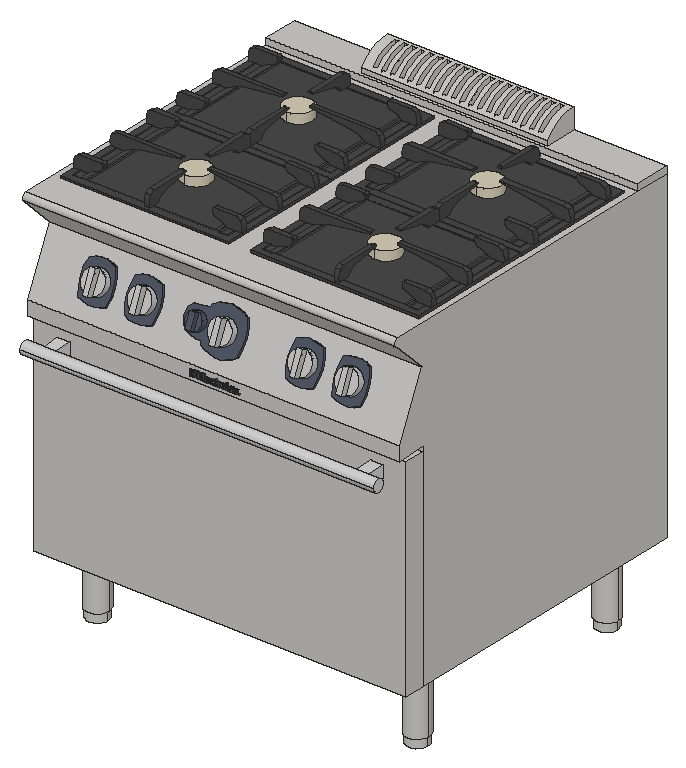
Revit family "QF_ELECTROLUXPROFESSIONAL_371403_E7AAKTBBMEI", category Attrezzature speciali, Revit 2018
Family settings
  Quota connettore circolare = Usa diametro
  Tipo di parte = Normale
  Basato su piano di lavoro = No
  Sempre verticale = Sì
  Taglio con vuoti quando caricato = No
  Condiviso = No
  Punto di calcolo locali = No
Parameters (values of type "Standard")
  Weight = 80.00 kg
  Watts = 0 W
  Volts = 0 V
  URL Manufacturer = "https://www.electroluxprofessional.com/"
  URL = "https://www.electroluxprofessional.com/"
  Steam Supply Size = 0"
  Steam Supply Minimum Pressure = 0.00 psi
  Steam Supply Maximum Pressure = 0.00 psi
  Steam Consumption per Hour = 0
  Show Logo [instance] = yes
  Show Clearance [instance] = yes
  Refrigeration Suction Line Size = 0 mm
  Refrigeration Liquid Line Size = 0 mm
  Refrigerant Compressor Remote = yes
  Phase = 0
  Modello = "E7AAKTBBMEI"
  Produttore = "Electrolux Professional"
  Length Actual = 800 mm  # constant formula
  Item Number = "371403"
  Hot Water Size = 0"
  Height Actual = 850 mm  # constant formula
  HP = "0 HP"
  Gas Size = 1/2"
  Gas KW = 28
  Gas Input Pressure = 0.938315 Btu/h
  Direct Waste Size = 0"
  Descrizione = "4-BURNER GAS RANGE+GAS OVEN 800MM - QMARK"
  Depth Actual = 730 mm  # constant formula
  Cycle = 0 Hz
  Condensate Return Size = 0"
  Compressed Air Volume = 0 GPM
  Compressed Air Size = 0"
  Compressed Air Pressure = 0.00 psi
  Cold Water Size = 0"
  Assembly Code = ""
  Accessory = yes
Values of the unnamed type that differ from the named types
  Weight = 0.00 kg
  URL Manufacturer = ""
  Item Number = ""
  HP = ""
  Gas KW = 0
  Gas Input Pressure = 0.0 Btu/h
Reference planes
  plane 1 "BACK": y = 0
  plane 2: z = 0
  plane 3 "LEFT": x = 0
  plane 4 "RIGHT": x = 800
  plane 5 "FRONT": y = -700
  plane 6 "TOP": z = 908.9
  plane 7 "Center Y": x = 400
  plane 8 "Center X": y = -350
  plane 9 "Base": z = 150
  plane 10: z = 850.9
  plane 11: y = -730.129
  plane 12: y = -1109
Forms (mm)
  Revolve 1, solid, material "QF_Finishes_Stainless Steel"
    sketch origin (1, -90, 0) x (1, 0, 0) y (0, 0, 1)
      loop
        line (55, 0) -> (55, 150) -> (29.6, 150) -> (29.6, 19.05) -> (32.1, 19.05) -> (32.1, 0) -> (55, 0)
      axis (55, 0) -> (55, 150)
    angle from 0 to 360
  Revolve 2, solid, material "QF_Finishes_Stainless Steel"
    sketch origin (1, -599.588, 0) x (1, 0, 0) y (0, 0, 1)
      loop
        line (55, 0) -> (55, 150) -> (29.6, 150) -> (29.6, 19.05) -> (32.1, 19.05) -> (32.1, 0) -> (55, 0)
      axis (55, 0) -> (55, 150)
    angle from 0 to 360
  Revolve 3, solid, material "QF_Finishes_Stainless Steel"
    sketch origin (799, -90, 0) x (-1, 0, 0) y (0, 0, -1)
      loop
        line (55, 0) -> (32.1, 0) -> (32.1, -19.05) -> (29.6, -19.05) -> (29.6, -150) -> (55, -150) -> (55, 0)
      axis (55, 0) -> (55, -150)
    angle from 0 to 360
  Revolve 4, solid, material "QF_Finishes_Stainless Steel"
    sketch origin (799, -599.588, 0) x (-1, 0, 0) y (0, 0, -1)
      loop
        line (55, 0) -> (32.1, 0) -> (32.1, -19.05) -> (29.6, -19.05) -> (29.6, -150) -> (55, -150) -> (55, 0)
      axis (55, 0) -> (55, -150)
    angle from 0 to 360
  Extrusion 5, solid, material "QF_Finishes_Stainless Steel"
    sketch origin (0, 0, 576.213) x (0, 1, 0) y (0, 0, 1)
      loop
        line (0, -426.213) -> (0, 274.687) -> (-721.5, 274.687)
        arc (-721.5, 274.687) -> (-729.472, 269.36) -> (-727.602, 259.956) r 8.63
        line (-727.602, 259.956) -> (-658.266, 190.62) -> (-715.962, 65.264) -> (-715.962, 33.966) -> (-655.839, 38.662)
        arc (-655.839, 38.662) -> (-653.314, 37.914) -> (-652.222, 35.518) r 3.175
        line (-652.222, 35.518) -> (-652.222, -426.213) -> (0, -426.213)
    from 0 to 800
  Extrusion 6, solid, material "QF_Finishes_Stainless Steel"
    sketch origin (0, -652.222, 611.731) x (0, 0, -1) y (1, 0, 0)
      loop
        line (461.731, 0) -> (461.731, 800) -> (9.61, 800) -> (9.61, 0) -> (461.731, 0)
    from 3.175 to 47.778
  Extrusion 7, solid, material "QF_Finishes_Handrails and Railings"
    sketch origin (0, 0, 0) x (0, 1, 0) y (0, 0, 1)
      loop
        line (-700, 580.001) -> (-738.678, 577.296)
        arc (-738.678, 577.296) -> (-739.871, 563.489) -> (-752.981, 558.993) r 12.7
        arc (-752.981, 558.993) -> (-752.44, 558.176) -> (-751.841, 557.401) r 13.441
        arc (-751.841, 557.401) -> (-750.036, 555.955) -> (-747.808, 555.335) r 5.77
        line (-747.808, 555.335) -> (-700, 551.992) -> (-700, 580.001)
    from 50.8 to 76.2
  Extrusion 8, solid, material "QF_Finishes_Handrails and Railings"
    sketch origin (800, 0, 0) x (0, 1, 0) y (0, 0, -1)
      loop
        line (-700, -580.001) -> (-700, -551.992) -> (-747.808, -555.335)
        arc (-747.808, -555.335) -> (-750.036, -555.955) -> (-751.841, -557.401) r 5.77
        arc (-751.841, -557.401) -> (-752.44, -558.176) -> (-752.981, -558.993) r 13.441
        arc (-752.981, -558.993) -> (-739.871, -563.489) -> (-738.678, -577.296) r 12.7
        line (-738.678, -577.296) -> (-700, -580.001)
    from 50.8 to 76.2
  Extrusion 9, solid, material "QF_Finishes_Handrails and Railings"
    sketch origin (0, 0, 0) x (0, 1, 0) y (0, 0, 1)
      loop
        circle (-749.878, 571.309) r 12.7
    from 19.875 to 780.125
  Extrusion 10, solid, material "QF_Finishes_Stainless Steel"
    sketch origin (0, 0, 576.213) x (0, 1, 0) y (0, 0, 1)
      loop
        line (0, 274.687) -> (0, 288.975) -> (-76.2, 288.975) -> (-76.2, 274.687) -> (0, 274.687)
    from 0 to 800
  Extrusion 11, solid, material "QF_Finishes_Navy Blue"
    sketch origin (7.744, -713.772, 646.186) x (0, 0.418102, 0.9084) y (-1, 0, 0)
      loop
        arc (102.623, -190.47) -> (67.041, -182.846) -> (31.333, -189.853) r 90.5
        arc (31.333, -189.853) -> (24.507, -219.04) -> (31.333, -248.228) r 65.817
        arc (31.333, -248.228) -> (67.04, -255.188) -> (102.623, -247.615) r 91.066
        arc (102.623, -247.615) -> (109.179, -219.043) -> (102.623, -190.47) r 65.546
      loop
        arc (102.623, -90.47) -> (67.041, -82.846) -> (31.333, -89.853) r 90.5
        arc (31.333, -89.853) -> (24.507, -119.04) -> (31.333, -148.228) r 65.817
        arc (31.333, -148.228) -> (67.04, -155.188) -> (102.623, -147.615) r 91.066
        arc (102.623, -147.615) -> (109.179, -119.043) -> (102.623, -90.47) r 65.546
      loop
        arc (102.623, -594.043) -> (109.179, -565.47) -> (102.623, -536.897) r 65.546
        arc (102.623, -536.897) -> (67.04, -529.324) -> (31.333, -536.284) r 91.066
        arc (31.333, -536.284) -> (24.507, -565.472) -> (31.333, -594.66) r 65.817
        arc (31.333, -594.66) -> (67.041, -601.667) -> (102.623, -594.043) r 90.5
      loop
        arc (102.623, -694.043) -> (109.179, -665.47) -> (102.623, -636.897) r 65.546
        arc (102.623, -636.897) -> (67.04, -629.324) -> (31.333, -636.284) r 91.066
        arc (31.333, -636.284) -> (24.507, -665.472) -> (31.333, -694.66) r 65.817
        arc (31.333, -694.66) -> (67.041, -701.667) -> (102.623, -694.043) r 90.5
    from 0 to 3.175
  Extrusion 12, solid, material "QF_Finishes_Stainless Steel"
    sketch origin (386.494, -717.485, 645.711) x (0, 0.418102, 0.9084) y (-1, 0, 0)
      loop
        circle (68.826, -13.506) r 25.4
      loop
        circle (68.826, 159.037) r 25.4
      loop
        circle (68.826, 259.037) r 25.4
      loop
        circle (68.826, -186.049) r 25.4
      loop
        circle (68.826, -286.049) r 25.4
    from 0 to 12.7
  Extrusion 13, solid, material "QF_Finishes_Navy Blue"
    sketch origin (-139.713, -713.772, 646.186) x (0, 0.418102, 0.9084) y (-1, 0, 0)
      loop
        arc (104.355, -502.587) -> (101.326, -501.258) -> (98.25, -500.039) r 91.066
        arc (98.25, -500.039) -> (96.592, -482.449) -> (93.213, -465.107) r 179.528
        arc (93.213, -465.107) -> (69.244, -452.795) -> (45.274, -465.107) r 29.489
        arc (45.274, -465.107) -> (38.909, -481.441) -> (37.449, -498.912) r 61.044
        arc (37.449, -498.912) -> (34.471, -499.962) -> (31.532, -501.116) r 91.066
        arc (31.532, -501.116) -> (19.517, -540.223) -> (32.929, -578.873) r 65.817
        arc (32.929, -578.873) -> (68.105, -585.173) -> (102.996, -577.452) r 91.066
        arc (102.996, -577.452) -> (115.418, -540.233) -> (104.355, -502.587) r 65.546
    from 0 to 3.175
  Extrusion 14, solid, material "QF_Finishes_Stainless Steel"
    sketch origin (239.037, -729.022, 651.021) x (0, 0.418102, 0.9084) y (-1, 0, 0)
      loop
        arc (93.558, -166.749) -> (94.226, -160.963) -> (93.558, -155.177) r 25.4
        line (93.558, -155.177) -> (44.094, -155.177)
        arc (44.094, -155.177) -> (43.426, -160.963) -> (44.094, -166.749) r 25.4
        line (44.094, -166.749) -> (93.558, -166.749)
    from 0 to 12.7
  Extrusion 15, solid, material "QF_Finishes_Navy Blue"
    sketch origin (181.537, -717.485, 645.711) x (0, 0.418102, 0.9084) y (-1, 0, 0)
      loop
        circle (68.826, -160.963) r 18.37
    from 0 to 12.7
  Extrusion 16, solid, material "QF_Finishes_Navy Blue"
    sketch origin (180.246, -729.022, 651.021) x (0, 0.418102, 0.9084) y (-1, 0, 0)
      loop
        arc (84.808, -167.687) -> (85.476, -161.901) -> (84.808, -156.114) r 25.4
        line (84.808, -156.114) -> (52.844, -156.114)
        arc (52.844, -156.114) -> (52.176, -161.901) -> (52.844, -167.687) r 25.4
        line (52.844, -167.687) -> (84.808, -167.687)
    from 0 to 8.112
  Extrusion 17, solid, material "QF_Finishes_Stainless Steel"
    sketch origin (0, 0, 150) x (-1, 0, 0) y (0, -1, 0)
      loop
        circle (-747.612, 464) r 6.35
    from -8.815 to 7.722
  Extrusion 18, solid, material "QF_Finishes_Door Clearance", visible <- "Show Clearance", detail levels coarse
    sketch origin (0, 0, 0) x (0, 1, 0) y (0, 0, 1)
      loop
        line (-1109, 150) -> (-700, 150) -> (-700, 601.405)
        arc (-700, 601.405) -> (-991.543, 454.568) -> (-1109, 150) r 453.603
    from 0 to 800
  Extrusion 19, solid, material "QF_Finishes_Clearance", visible <- "Show Clearance", detail levels coarse
    sketch origin (0, 0, 0) x (1, 0, 0) y (0, 1, 0)
      loop
        line (-150, -730.129) -> (0, -730.129) -> (0, 0) -> (800, 0) -> (800, -730.129) -> (950, -730.129) -> (950, 150) -> (-150, 150) -> (-150, -730.129)
    from 0 to 908.85
  Extrusion 20, solid, material "QF_Finishes_Stainless Steel"
    sketch origin (66.494, -729.022, 651.021) x (0, 0.418102, 0.9084) y (-1, 0, 0)
      loop
        arc (93.558, -166.749) -> (94.226, -160.963) -> (93.558, -155.177) r 25.4
        line (93.558, -155.177) -> (44.094, -155.177)
        arc (44.094, -155.177) -> (43.426, -160.963) -> (44.094, -166.749) r 25.4
        line (44.094, -166.749) -> (93.558, -166.749)
    from 0 to 12.7
  Extrusion 21, solid, material "QF_Finishes_Stainless Steel"
    sketch origin (-33.506, -729.022, 651.021) x (0, 0.418102, 0.9084) y (-1, 0, 0)
      loop
        arc (93.558, -166.749) -> (94.226, -160.963) -> (93.558, -155.177) r 25.4
        line (93.558, -155.177) -> (44.094, -155.177)
        arc (44.094, -155.177) -> (43.426, -160.963) -> (44.094, -166.749) r 25.4
        line (44.094, -166.749) -> (93.558, -166.749)
    from 0 to 12.7
  Extrusion 22, void
    sketch origin (-65.011, 0, 865.138) x (-1, 0, 0) y (0, -1, 0)
      loop
        line (-295.005, 6.761) -> (-285.709, 6.761) -> (-285.709, 63.911) -> (-295.005, 63.911) -> (-295.005, 6.761)
      loop
        line (-313.697, 6.761) -> (-304.401, 6.761) -> (-304.401, 63.911) -> (-313.697, 63.911) -> (-313.697, 6.761)
      loop
        line (-332.39, 6.761) -> (-323.094, 6.761) -> (-323.094, 63.911) -> (-332.39, 63.911) -> (-332.39, 6.761)
      loop
        line (-351.082, 6.761) -> (-341.787, 6.761) -> (-341.787, 63.911) -> (-351.082, 63.911) -> (-351.082, 6.761)
      loop
        line (-369.775, 6.761) -> (-360.479, 6.761) -> (-360.479, 63.911) -> (-369.775, 63.911) -> (-369.775, 6.761)
      loop
        line (-388.468, 6.761) -> (-379.172, 6.761) -> (-379.172, 63.911) -> (-388.468, 63.911) -> (-388.468, 6.761)
      loop
        line (-407.16, 6.761) -> (-397.864, 6.761) -> (-397.864, 63.911) -> (-407.16, 63.911) -> (-407.16, 6.761)
      loop
        line (-425.853, 6.761) -> (-416.557, 6.761) -> (-416.557, 63.911) -> (-425.853, 63.911) -> (-425.853, 6.761)
      loop
        line (-444.545, 6.761) -> (-435.25, 6.761) -> (-435.25, 63.911) -> (-444.545, 63.911) -> (-444.545, 6.761)
      loop
        line (-463.238, 6.761) -> (-453.942, 6.761) -> (-453.942, 63.911) -> (-463.238, 63.911) -> (-463.238, 6.761)
      loop
        line (-481.931, 6.761) -> (-472.635, 6.761) -> (-472.635, 63.911) -> (-481.931, 63.911) -> (-481.931, 6.761)
      loop
        line (-500.623, 6.761) -> (-491.328, 6.761) -> (-491.328, 63.911) -> (-500.623, 63.911) -> (-500.623, 6.761)
      loop
        line (-519.316, 6.761) -> (-510.02, 6.761) -> (-510.02, 63.911) -> (-519.316, 63.911) -> (-519.316, 6.761)
      loop
        line (-538.008, 6.761) -> (-528.713, 6.761) -> (-528.713, 63.911) -> (-538.008, 63.911) -> (-538.008, 6.761)
      loop
        line (-556.701, 6.761) -> (-547.405, 6.761) -> (-547.405, 63.911) -> (-556.701, 63.911) -> (-556.701, 6.761)
      loop
        line (-575.394, 6.761) -> (-566.098, 6.761) -> (-566.098, 63.911) -> (-575.394, 63.911) -> (-575.394, 6.761)
      loop
        line (-594.086, 6.761) -> (-584.791, 6.761) -> (-584.791, 63.911) -> (-594.086, 63.911) -> (-594.086, 6.761)
      loop
        line (-612.779, 6.761) -> (-603.483, 6.761) -> (-603.483, 63.911) -> (-612.779, 63.911) -> (-612.779, 6.761)
      loop
        line (-631.472, 6.761) -> (-622.176, 6.761) -> (-622.176, 63.911) -> (-631.472, 63.911) -> (-631.472, 6.761)
      loop
        line (-650.164, 6.761) -> (-640.868, 6.761) -> (-640.868, 63.911) -> (-650.164, 63.911) -> (-650.164, 6.761)
    from 9.525 to 45.348
  Extrusion 23, solid, material "QF_Finishes_Stainless Steel"
    sketch origin (-200, 0, 590.5) x (0, 1, 0) y (0, 0, 1)
      loop
        line (0, 274.688) -> (0, 318.4)
        arc (0, 318.4) -> (-39.072, 309.779) -> (-69.85, 284.212) r 84.854
        line (-69.85, 284.212) -> (-69.85, 274.688) -> (0, 274.688)
    from 400 to 800
  Extrusion 24, solid, material "QF_Finishes_Stainless Steel"
    sketch origin (733.506, -729.022, 651.021) x (0, 0.418102, 0.9084) y (-1, 0, 0)
      loop
        line (93.558, 166.749) -> (44.094, 166.749)
        arc (44.094, 166.749) -> (43.426, 160.963) -> (44.094, 155.177) r 25.4
        line (44.094, 155.177) -> (93.558, 155.177)
        arc (93.558, 155.177) -> (94.226, 160.963) -> (93.558, 166.749) r 25.4
    from 0 to 12.7
  Extrusion 25, solid, material "QF_Finishes_Stainless Steel"
    sketch origin (833.506, -729.022, 651.021) x (0, 0.418102, 0.9084) y (-1, 0, 0)
      loop
        line (93.558, 166.749) -> (44.094, 166.749)
        arc (44.094, 166.749) -> (43.426, 160.963) -> (44.094, 155.177) r 25.4
        line (44.094, 155.177) -> (93.558, 155.177)
        arc (93.558, 155.177) -> (94.226, 160.963) -> (93.558, 166.749) r 25.4
    from 0 to 12.7
  Extrusion 26, solid, material "QF_Finishes_Navy Blue", visible <- "Show Logo"
    sketch origin (61.109, -715.962, 610.773) x (0, 0, 1) y (-1, 0, 0)
      loop
        line (20.674, -296.698) -> (8.307, -296.698)
        arc (8.307, -296.698) -> (14.491, -301.27) -> (20.674, -296.698) r 6.467
      loop
        arc (20.674, -296.069) -> (19.505, -290.926) -> (14.849, -288.448) r 6.338
        line (14.849, -288.448) -> (14.849, -290.494)
        arc (14.849, -290.494) -> (16.333, -294.149) -> (19.778, -296.069) r 5.941
        line (19.778, -296.069) -> (20.674, -296.069)
      loop
        arc (9.203, -296.069) -> (12.648, -294.149) -> (14.132, -290.494) r 5.941
        line (14.132, -290.494) -> (14.132, -288.448)
        arc (14.132, -288.448) -> (9.438, -290.922) -> (8.148, -296.069) r 6.504
        line (8.148, -296.069) -> (9.203, -296.069)
      loop
        line (21.349, -287.979) -> (7.604, -287.979) -> (7.604, -301.742) -> (21.349, -301.742) -> (21.349, -287.979)
      loop
        arc (21.432, -304.71) -> (21.085, -304.352) -> (20.718, -304.69) r 0.358
        arc (20.718, -304.69) -> (20.404, -305.44) -> (19.687, -305.825) r 1.216
        line (19.687, -305.825) -> (9.274, -305.825)
        arc (9.274, -305.825) -> (8.614, -305.548) -> (8.218, -304.951) r 1.238
        arc (8.218, -304.951) -> (7.823, -304.7) -> (7.518, -305.054) r 0.358
        line (7.518, -305.054) -> (7.518, -314.933) -> (10.269, -314.933) -> (10.269, -314.036)
        arc (10.269, -314.036) -> (9.36, -313.456) -> (8.904, -312.479) r 1.928
        line (8.904, -312.479) -> (8.904, -309.98)
        arc (8.904, -309.98) -> (9.18, -309.251) -> (9.868, -308.887) r 1.101
        line (9.868, -308.887) -> (13.955, -308.887) -> (13.955, -312.561)
        arc (13.955, -312.561) -> (13.602, -313.058) -> (13.037, -313.286) r 1.083
        arc (13.037, -313.286) -> (12.773, -313.591) -> (13.065, -313.869) r 0.292
        line (13.065, -313.869) -> (16.028, -313.869)
        arc (16.028, -313.869) -> (16.33, -313.596) -> (16.092, -313.266) r 0.305
        arc (16.092, -313.266) -> (15.601, -313.018) -> (15.296, -312.561) r 1.083
        line (15.296, -312.561) -> (15.296, -308.887) -> (19.973, -308.887) -> (19.973, -312.635)
        arc (19.973, -312.635) -> (19.759, -313.39) -> (19.153, -313.888) r 1.314
        arc (19.153, -313.888) -> (18.934, -314.292) -> (19.288, -314.585) r 0.361
        line (19.288, -314.585) -> (21.432, -314.585) -> (21.432, -304.71)
      loop
        arc (20.715, -315.365) -> (20.335, -316.284) -> (19.416, -316.664) r 1.299
        line (19.416, -316.664) -> (9.837, -316.664)
        arc (9.837, -316.664) -> (8.999, -316.286) -> (8.728, -315.408) r 1.118
        line (8.728, -315.408) -> (7.518, -315.408) -> (7.518, -320.758) -> (8.706, -320.758)
        arc (8.706, -320.758) -> (8.978, -319.841) -> (9.848, -319.445) r 1.153
        line (9.848, -319.445) -> (21.92, -319.445) -> (20.715, -315.365)
      loop
        line (12.483, -323.394) -> (12.483, -329.842) -> (13.282, -329.842)
        arc (13.282, -329.842) -> (15.862, -328.857) -> (17.131, -326.404) r 3.874
        line (17.131, -326.404) -> (17.131, -324.643)
        arc (17.131, -324.643) -> (15.944, -321.778) -> (13.08, -320.592) r 4.051
        line (13.08, -320.592) -> (11.072, -320.592)
        arc (11.072, -320.592) -> (8.253, -322.077) -> (7.202, -325.084) r 4.352
        arc (7.202, -325.084) -> (7.566, -327.547) -> (8.943, -329.621) r 5.713
        line (8.943, -329.621) -> (9.892, -329.621)
        arc (9.892, -329.621) -> (9.16, -328.052) -> (8.943, -326.334) r 5.579
        arc (8.943, -326.334) -> (9.737, -324.371) -> (11.616, -323.394) r 3.057
        line (11.616, -323.394) -> (12.483, -323.394)
      loop
        line (13.742, -323.394) -> (13.742, -326.977)
        arc (13.742, -326.977) -> (15.199, -327.024) -> (16.082, -325.864) r 1.59
        line (16.082, -325.864) -> (16.082, -325.034)
        arc (16.082, -325.034) -> (15.217, -323.779) -> (13.742, -323.394) r 2.184
      loop
        arc (16.533, -339.259) -> (17.022, -337.585) -> (17.179, -335.848) r 9.023
        line (17.179, -335.848) -> (17.179, -334.486)
        arc (17.179, -334.486) -> (16.02, -331.686) -> (13.22, -330.527) r 3.959
        line (13.22, -330.527) -> (10.62, -330.527)
        arc (10.62, -330.527) -> (8.338, -331.819) -> (7.221, -334.192) r 4.331
        line (7.221, -334.192) -> (7.221, -336.327)
        arc (7.221, -336.327) -> (7.729, -337.877) -> (8.651, -339.223) r 5.772
        arc (8.651, -339.223) -> (9.412, -339.274) -> (9.499, -338.515) r 0.553
        arc (9.499, -338.515) -> (9.111, -337.781) -> (8.977, -336.962) r 2.573
        line (8.977, -336.962) -> (8.977, -335.447)
        arc (8.977, -335.447) -> (9.983, -333.806) -> (11.798, -333.163) r 2.884
        line (11.798, -333.163) -> (13.077, -333.163)
        arc (13.077, -333.163) -> (14.898, -333.723) -> (15.824, -335.388) r 2.554
        line (15.824, -335.388) -> (15.824, -336.441)
        arc (15.824, -336.441) -> (15.493, -337.369) -> (14.836, -338.104) r 2.564
        arc (14.836, -338.104) -> (14.614, -338.821) -> (15.223, -339.259) r 0.643
        line (15.223, -339.259) -> (16.533, -339.259)
      loop
        line (15.515, -339.53) -> (15.515, -341.031) -> (9.467, -341.031)
        arc (9.467, -341.031) -> (7.879, -341.688) -> (7.221, -343.276) r 2.246
        line (7.221, -343.276) -> (7.221, -344.86)
        arc (7.221, -344.86) -> (7.535, -345.725) -> (8.035, -346.496) r 4.06
        arc (8.035, -346.496) -> (8.768, -346.629) -> (9.019, -345.928) r 0.576
        arc (9.019, -345.928) -> (8.913, -345.403) -> (8.977, -344.87) r 1.69
        arc (8.977, -344.87) -> (9.519, -344.082) -> (10.425, -343.779) r 1.506
        line (10.425, -343.779) -> (15.563, -343.779) -> (15.563, -346.176) -> (16.119, -346.733) -> (16.941, -346.733) -> (16.941, -343.873) -> (20.172, -343.873) -> (15.515, -339.53)
      loop
        line (7.438, -347.63) -> (7.438, -353.017) -> (8.548, -353.017)
        arc (8.548, -353.017) -> (8.942, -352.066) -> (9.893, -351.672) r 1.345
        line (9.893, -351.672) -> (13.509, -351.672)
        arc (13.509, -351.672) -> (14.274, -352.264) -> (14.564, -353.186) r 1.615
        line (14.564, -353.186) -> (14.564, -354.742) -> (17.119, -355.427) -> (17.119, -354.044) -> (15.177, -351.485) -> (17.057, -351.485) -> (16.773, -348.779)
        arc (16.773, -348.779) -> (16.333, -348.249) -> (15.674, -348.45) r 0.621
        arc (15.674, -348.45) -> (15.274, -348.792) -> (14.78, -348.975) r 1.501
        line (14.78, -348.975) -> (9.893, -348.975)
        arc (9.893, -348.975) -> (8.942, -348.581) -> (8.548, -347.63) r 1.345
        line (8.548, -347.63) -> (7.438, -347.63)
      loop
        line (13.54, -354.964) -> (10.848, -354.964)
        arc (10.848, -354.964) -> (8.403, -356.272) -> (7.269, -358.803) r 4.288
        arc (7.269, -358.803) -> (7.205, -360.183) -> (7.269, -361.563) r 15.022
        arc (7.269, -361.563) -> (8.403, -364.094) -> (10.848, -365.401) r 4.288
        line (10.848, -365.401) -> (13.54, -365.401)
        arc (13.54, -365.401) -> (15.986, -364.094) -> (17.119, -361.563) r 4.288
        arc (17.119, -361.563) -> (17.183, -360.183) -> (17.119, -358.803) r 15.022
        arc (17.119, -358.803) -> (15.986, -356.272) -> (13.54, -354.964) r 4.288
      loop
        line (13.745, -358.078) -> (10.643, -358.078)
        arc (10.643, -358.078) -> (8.486, -360.235) -> (10.643, -362.392) r 2.157
        line (10.643, -362.392) -> (13.745, -362.392)
        arc (13.745, -362.392) -> (15.902, -360.235) -> (13.745, -358.078) r 2.157
      loop
        arc (20.726, -365.26) -> (20.355, -366.154) -> (19.461, -366.524) r 1.264
        line (19.461, -366.524) -> (9.597, -366.524)
        arc (9.597, -366.524) -> (8.727, -366.127) -> (8.455, -365.211) r 1.153
        line (8.455, -365.211) -> (7.518, -365.211) -> (7.518, -370.319) -> (8.446, -370.319)
        arc (8.446, -370.319) -> (8.805, -369.547) -> (9.597, -369.232) r 1.153
        line (9.597, -369.232) -> (21.92, -369.232) -> (20.726, -365.26)
      loop
        arc (15.846, -369.857) -> (15.647, -370.921) -> (14.678, -371.403) r 1.215
        line (14.678, -371.403) -> (9.658, -371.403)
        arc (9.658, -371.403) -> (8.043, -372.051) -> (7.322, -373.634) r 2.338
        line (7.322, -373.634) -> (7.322, -375.148)
        arc (7.322, -375.148) -> (7.497, -376.152) -> (7.999, -377.038) r 2.979
        line (7.999, -377.038) -> (7.518, -378.835) -> (7.518, -380.524) -> (16.943, -380.524) -> (16.649, -376.32) -> (15.863, -376.32)
        arc (15.863, -376.32) -> (15.507, -377.156) -> (14.755, -377.665) r 1.605
        line (14.755, -377.665) -> (9.652, -377.665)
        arc (9.652, -377.665) -> (9.232, -376.728) -> (9.159, -375.704) r 2.94
        arc (9.159, -375.704) -> (9.72, -374.603) -> (10.873, -374.16) r 1.724
        line (10.873, -374.16) -> (17.07, -374.16) -> (15.846, -369.857)
      loop
        line (16.874, -381.377) -> (15.202, -383.423) -> (12.028, -385.729) -> (8.572, -382.617)
        arc (8.572, -382.617) -> (8.335, -382.223) -> (8.357, -381.764) r 0.789
        line (8.357, -381.764) -> (7.518, -381.764) -> (7.518, -385.309) -> (8.344, -385.309)
        arc (8.344, -385.309) -> (8.686, -384.947) -> (9.176, -385.039) r 0.52
        line (9.176, -385.039) -> (10.976, -386.51) -> (8.858, -387.886)
        arc (8.858, -387.886) -> (8.457, -387.576) -> (8.37, -387.076) r 0.7
        line (8.37, -387.076) -> (7.518, -387.076) -> (7.518, -393.003) -> (8.405, -393.003)
        arc (8.405, -393.003) -> (8.472, -392.344) -> (8.866, -391.813) r 1.247
        line (8.866, -391.813) -> (13.066, -388.532) -> (15.513, -390.585) -> (16.874, -392.327) -> (16.874, -388.604) -> (15.389, -389.026) -> (13.868, -387.749) -> (15.568, -386.559) -> (16.874, -387.336) -> (16.874, -381.377)
    from 0 to 1.644
Cuts and joins
  Extrusion 22 cuts Extrusion 19
  Extrusion 22 cuts Extrusion 23
Lines and regions (mm)
  symbolic lines, style "QF-Door Swings"
    curve 1: line (0, -730.129, 150) -> (0, -1109, 150)
    curve 2: line (0, -1109, 150) -> (800, -1109, 150)
    curve 3: line (800, -1109, 150) -> (800, -730.129, 150)
  symbolic lines
    curve 4: line (800, -730.129, 150) -> (0, -730.129, 150)
    curve 5: line (0, 0, 150) -> (0, -730.129, 150)
    curve 6: line (0, -69.85, 150) -> (800, -69.85, 150)
    curve 7: line (0, -76.2, 150) -> (800, -76.2, 150)
    curve 8: line (800, -730.129, 150) -> (800, 0, 150)
    curve 9: line (0, 0, 150) -> (800, 0, 150)
    curve 13: line (50.8, -738.678, 150) -> (50.8, -730.129, 150)
    curve 14: line (76.2, -730.129, 150) -> (76.2, -738.678, 150)
    curve 15: line (19.875, -737.178, 150) -> (50.8, -737.178, 150)
    curve 16: line (19.875, -762.578, 150) -> (19.875, -737.178, 150)
    curve 17: line (780.125, -762.578, 150) -> (19.875, -762.578, 150)
    curve 18: line (780.125, -737.178, 150) -> (780.125, -762.578, 150)
    curve 19: line (749.2, -738.678, 150) -> (749.2, -730.129, 150)
    curve 20: line (723.8, -738.678, 150) -> (723.8, -730.129, 150)
    curve 21: line (723.8, -738.678, 150) -> (749.2, -738.678, 150)
    curve 22: line (50.8, -738.678, 150) -> (76.2, -738.678, 150)
    curve 23: line (76.2, -737.178, 150) -> (723.8, -737.178, 150)
    curve 24: line (749.2, -737.178, 150) -> (780.125, -737.178, 150)
    curve 25: line (229.994, -6.761, 150) -> (229.994, -63.911, 150)
    curve 26: line (229.994, -63.911, 150) -> (220.698, -63.911, 150)
    curve 27: line (220.698, -63.911, 150) -> (220.698, -6.761, 150)
    curve 28: line (220.698, -6.761, 150) -> (229.994, -6.761, 150)
    curve 29: line (435.612, -6.761, 150) -> (435.612, -63.911, 150)
    curve 30: line (435.612, -63.911, 150) -> (426.317, -63.911, 150)
    curve 31: line (426.317, -63.911, 150) -> (426.317, -6.761, 150)
    curve 32: line (426.317, -6.761, 150) -> (435.612, -6.761, 150)
    curve 33: line (416.92, -6.761, 150) -> (416.92, -63.911, 150)
    curve 34: line (416.92, -63.911, 150) -> (407.624, -63.911, 150)
    curve 35: line (407.624, -63.911, 150) -> (407.624, -6.761, 150)
    curve 36: line (407.624, -6.761, 150) -> (416.92, -6.761, 150)
    curve 37: line (398.227, -6.761, 150) -> (398.227, -63.911, 150)
    curve 38: line (398.227, -63.911, 150) -> (388.931, -63.911, 150)
    curve 39: line (388.931, -63.911, 150) -> (388.931, -6.761, 150)
    curve 40: line (388.931, -6.761, 150) -> (398.227, -6.761, 150)
    curve 41: line (379.534, -6.761, 150) -> (379.534, -63.911, 150)
    curve 42: line (379.534, -63.911, 150) -> (370.239, -63.911, 150)
    curve 43: line (370.239, -63.911, 150) -> (370.239, -6.761, 150)
    curve 44: line (370.239, -6.761, 150) -> (379.534, -6.761, 150)
    curve 45: line (360.842, -6.761, 150) -> (360.842, -63.911, 150)
    curve 46: line (360.842, -63.911, 150) -> (351.546, -63.911, 150)
    curve 47: line (351.546, -63.911, 150) -> (351.546, -6.761, 150)
    curve 48: line (351.546, -6.761, 150) -> (360.842, -6.761, 150)
    curve 49: line (342.149, -6.761, 150) -> (342.149, -63.911, 150)
    curve 50: line (342.149, -63.911, 150) -> (332.854, -63.911, 150)
    curve 51: line (332.854, -63.911, 150) -> (332.854, -6.761, 150)
    curve 52: line (332.854, -6.761, 150) -> (342.149, -6.761, 150)
    curve 53: line (323.457, -6.761, 150) -> (323.457, -63.911, 150)
    curve 54: line (323.457, -63.911, 150) -> (314.161, -63.911, 150)
    curve 55: line (314.161, -63.911, 150) -> (314.161, -6.761, 150)
    curve 56: line (314.161, -6.761, 150) -> (323.457, -6.761, 150)
    curve 57: line (304.764, -6.761, 150) -> (304.764, -63.911, 150)
    curve 58: line (304.764, -63.911, 150) -> (295.468, -63.911, 150)
    curve 59: line (295.468, -63.911, 150) -> (295.468, -6.761, 150)
    curve 60: line (295.468, -6.761, 150) -> (304.764, -6.761, 150)
    curve 61: line (286.071, -6.761, 150) -> (286.071, -63.911, 150)
    curve 62: line (286.071, -63.911, 150) -> (276.776, -63.911, 150)
    curve 63: line (276.776, -63.911, 150) -> (276.776, -6.761, 150)
    curve 64: line (276.776, -6.761, 150) -> (286.071, -6.761, 150)
    curve 65: line (267.379, -6.761, 150) -> (267.379, -63.911, 150)
    curve 66: line (267.379, -63.911, 150) -> (258.083, -63.911, 150)
    curve 67: line (258.083, -63.911, 150) -> (258.083, -6.761, 150)
    curve 68: line (258.083, -6.761, 150) -> (267.379, -6.761, 150)
    curve 69: line (248.686, -6.761, 150) -> (248.686, -63.911, 150)
    curve 70: line (248.686, -63.911, 150) -> (239.39, -63.911, 150)
    curve 71: line (239.39, -63.911, 150) -> (239.39, -6.761, 150)
    curve 72: line (239.39, -6.761, 150) -> (248.686, -6.761, 150)
    curve 73: line (585.153, -6.761, 150) -> (585.153, -63.911, 150)
    curve 74: line (585.153, -63.911, 150) -> (575.857, -63.911, 150)
    curve 75: line (575.857, -63.911, 150) -> (575.857, -6.761, 150)
    curve 76: line (575.857, -6.761, 150) -> (585.153, -6.761, 150)
    curve 77: line (566.461, -6.761, 150) -> (566.461, -63.911, 150)
    curve 78: line (566.461, -63.911, 150) -> (557.165, -63.911, 150)
    curve 79: line (557.165, -63.911, 150) -> (557.165, -6.761, 150)
    curve 80: line (557.165, -6.761, 150) -> (566.461, -6.761, 150)
    curve 81: line (547.768, -6.761, 150) -> (547.768, -63.911, 150)
    curve 82: line (547.768, -63.911, 150) -> (538.472, -63.911, 150)
    curve 83: line (538.472, -63.911, 150) -> (538.472, -6.761, 150)
    curve 84: line (538.472, -6.761, 150) -> (547.768, -6.761, 150)
    curve 85: line (529.075, -6.761, 150) -> (529.075, -63.911, 150)
    curve 86: line (529.075, -63.911, 150) -> (519.78, -63.911, 150)
    curve 87: line (519.78, -63.911, 150) -> (519.78, -6.761, 150)
    curve 88: line (519.78, -6.761, 150) -> (529.075, -6.761, 150)
    curve 89: line (510.383, -6.761, 150) -> (510.383, -63.911, 150)
    curve 90: line (510.383, -63.911, 150) -> (501.087, -63.911, 150)
    curve 91: line (501.087, -63.911, 150) -> (501.087, -6.761, 150)
    curve 92: line (501.087, -6.761, 150) -> (510.383, -6.761, 150)
    curve 93: line (491.69, -6.761, 150) -> (491.69, -63.911, 150)
    curve 94: line (491.69, -63.911, 150) -> (482.394, -63.911, 150)
    curve 95: line (482.394, -63.911, 150) -> (482.394, -6.761, 150)
    curve 96: line (482.394, -6.761, 150) -> (491.69, -6.761, 150)
    curve 97: line (472.998, -6.761, 150) -> (472.998, -63.911, 150)
    curve 98: line (472.998, -63.911, 150) -> (463.702, -63.911, 150)
    curve 99: line (463.702, -63.911, 150) -> (463.702, -6.761, 150)
    curve 100: line (463.702, -6.761, 150) -> (472.998, -6.761, 150)
    curve 101: line (454.305, -6.761, 150) -> (454.305, -63.911, 150)
    curve 102: line (454.305, -63.911, 150) -> (445.009, -63.911, 150)
    curve 103: line (445.009, -63.911, 150) -> (445.009, -6.761, 150)
    curve 104: line (445.009, -6.761, 150) -> (454.305, -6.761, 150)
    curve 105: line (200, -69.85, 150) -> (200, 0, 150)
    curve 106: line (600, -69.85, 150) -> (600, 0, 150)
  symbolic lines, style "QF-Clearances", visible <- "Show Clearance", detail levels coarse
    curve 10: line (-150, -730.129, 150) -> (-150, 150, 150)
    curve 11: line (-150, 150, 150) -> (950, 150, 150)
    curve 12: line (950, 150, 150) -> (950, -730.129, 150)
Dimensions and locks
  equal spacing: plane 3 "LEFT", plane 7 "Center Y", plane 4 "RIGHT"
  plane 3 "LEFT" to plane 4 "RIGHT" = 800 mm
  equal spacing: plane 5 "FRONT", plane 8 "Center X", plane 1 "BACK"
  plane 5 "FRONT" to plane 1 "BACK" = 700 mm
  plane 6 "TOP" to level = 908.9 mm
  plane 9 "Base" to level = 150 mm
  plane 6 "TOP" to plane 10 = 58 mm  (x2)
  plane 1 "BACK" to plane 11 = 730.129 mm
  plane 1 "BACK" to plane 12 = 1109 mm
  aligned and locked: level to plane 2
Automatic sketch dimensions
  Revolve 1 sketch curve to plane 9 "Base" = 0 mm  (x2)
  Revolve 1 sketch curve to level = 0 mm
  plane 3 "LEFT" to Revolve 1 sketch curve = 30.6 mm
  Revolve 1 sketch curve to Revolve 1 sketch curve = 2.5 mm
  Revolve 1 sketch curve to Revolve 1 sketch curve = 25.4 mm
  Revolve 1 sketch curve to Revolve 1 sketch curve = 0 mm
  level to Revolve 1 sketch curve = 19.05 mm
  plane 9 "Base" to Revolve 1 sketch curve = 20 mm
  Revolve 2 sketch curve to plane 9 "Base" = 0 mm  (x2)
  Revolve 2 sketch curve to level = 0 mm
  plane 3 "LEFT" to Revolve 2 sketch curve = 30.6 mm
  Revolve 2 sketch curve to Revolve 2 sketch curve = 2.5 mm
  Revolve 2 sketch curve to Revolve 2 sketch curve = 25.4 mm
  Revolve 2 sketch curve to Revolve 2 sketch curve = 0 mm
  level to Revolve 2 sketch curve = 19.05 mm
  plane 9 "Base" to Revolve 2 sketch curve = 20 mm
  Revolve 3 sketch curve to plane 9 "Base" = 0 mm  (x2)
  Revolve 3 sketch curve to level = 0 mm
  Revolve 3 sketch curve to plane 4 "RIGHT" = 30.6 mm
  Revolve 3 sketch curve to Revolve 3 sketch curve = 2.5 mm
  Revolve 3 sketch curve to Revolve 3 sketch curve = 25.4 mm
  Revolve 3 sketch curve to Revolve 3 sketch curve = 0 mm
  plane 9 "Base" to Revolve 3 sketch curve = 20 mm
  level to Revolve 3 sketch curve = 19.05 mm
  Revolve 4 sketch curve to plane 9 "Base" = 0 mm  (x2)
  Revolve 4 sketch curve to level = 0 mm
  Revolve 4 sketch curve to plane 4 "RIGHT" = 30.6 mm
  Revolve 4 sketch curve to Revolve 4 sketch curve = 2.5 mm
  Revolve 4 sketch curve to Revolve 4 sketch curve = 25.4 mm
  Revolve 4 sketch curve to Revolve 4 sketch curve = 0 mm
  plane 9 "Base" to Revolve 4 sketch curve = 20 mm
  level to Revolve 4 sketch curve = 19.05 mm
  Extrusion 5 sketch curve to plane 10 = 0 mm
  Extrusion 5 sketch curve to plane 9 "Base" = 0 mm
  Extrusion 5 sketch curve to plane 1 "BACK" = 0 mm
  Extrusion 5 sketch curve to plane 5 "FRONT" = 47.778 mm
  Extrusion 5 sketch curve to Extrusion 5 sketch curve = 3.175 mm
  Extrusion 5 sketch curve to Extrusion 5 sketch curve = 0.442 mm
  Extrusion 5 sketch curve to plane 5 "FRONT" = 41.734 mm
  Extrusion 5 sketch curve to plane 11 = 14.167 mm
  Extrusion 5 sketch curve to plane 11 = 8.63 mm
  Extrusion 5 sketch curve to plane 11 = 2.528 mm
  Extrusion 5 sketch curve to plane 10 = 240.721 mm
  Extrusion 5 sketch curve to Extrusion 5 sketch curve = 1.552 mm
  Extrusion 5 sketch curve to Extrusion 5 sketch curve = 31.298 mm
  Extrusion 5 sketch curve to plane 10 = 84.067 mm
  Extrusion 5 sketch curve to plane 10 = 14.732 mm
  Extrusion 6 sketch curve to Extrusion 5 = 0 mm  (x2)
  Extrusion 5 to Extrusion 6 sketch curve = 0 mm
  Extrusion 5 to Extrusion 6 sketch curve = 9.61 mm
  Extrusion 7 sketch curve to plane 5 "FRONT" = 0 mm
  plane 11 to Extrusion 7 sketch curve = 8.549 mm
  plane 11 to Extrusion 7 sketch curve = 11.379 mm
  Extrusion 7 sketch curve to Extrusion 7 sketch curve = 5.898 mm
  Extrusion 7 sketch curve to Extrusion 7 sketch curve = 0.402 mm
  Extrusion 7 sketch curve to Extrusion 7 sketch curve = 8.37 mm
  Extrusion 7 sketch curve to Extrusion 7 sketch curve = 4.033 mm
  Extrusion 7 sketch curve to Extrusion 7 sketch curve = 0 mm  (x2)
  Extrusion 7 sketch curve to Extrusion 7 sketch curve = 1.139 mm
  Extrusion 7 sketch curve to plane 10 = 298.908 mm
  Extrusion 7 sketch curve to Extrusion 7 sketch curve = 3.343 mm
  Extrusion 7 sketch curve to Extrusion 7 sketch curve = 2.066 mm
  Extrusion 7 sketch curve to Extrusion 7 sketch curve = 5.312 mm
  Extrusion 7 sketch curve to Extrusion 7 sketch curve = 28.009 mm
  Extrusion 8 sketch curve to plane 5 "FRONT" = 0 mm
  plane 11 to Extrusion 8 sketch curve = 8.549 mm
  plane 11 to Extrusion 8 sketch curve = 11.379 mm
  Extrusion 8 sketch curve to Extrusion 8 sketch curve = 5.898 mm
  Extrusion 8 sketch curve to Extrusion 8 sketch curve = 0.402 mm
  Extrusion 8 sketch curve to Extrusion 8 sketch curve = 8.37 mm
  Extrusion 8 sketch curve to Extrusion 8 sketch curve = 4.033 mm
  Extrusion 8 sketch curve to Extrusion 8 sketch curve = 0 mm  (x2)
  Extrusion 8 sketch curve to Extrusion 8 sketch curve = 1.139 mm
  Extrusion 8 sketch curve to plane 10 = 270.899 mm
  Extrusion 8 sketch curve to Extrusion 8 sketch curve = 2.705 mm
  Extrusion 8 sketch curve to Extrusion 8 sketch curve = 5.987 mm
  Extrusion 8 sketch curve to Extrusion 8 sketch curve = 5.312 mm
  Extrusion 8 sketch curve to Extrusion 8 sketch curve = 28.009 mm
  plane 11 to Extrusion 9 sketch curve = 19.749 mm
  Extrusion 9 sketch curve to plane 10 = 279.591 mm
  Extrusion 10 sketch curve to plane 10 = 0 mm
  Extrusion 10 sketch curve to plane 1 "BACK" = 0 mm
  plane 10 to Extrusion 10 sketch curve = 14.288 mm
  Extrusion 10 sketch curve to Extrusion 10 sketch curve = 76.2 mm
  Extrusion 11 sketch curve to plane 4 "RIGHT" = 155.972 mm
  Extrusion 11 sketch curve to Extrusion 11 sketch curve = 0 mm  (x9)
  plane 3 "LEFT" to Extrusion 11 sketch curve = 197.596 mm
  Extrusion 11 sketch curve to Extrusion 11 sketch curve = 12.3 mm  (x12)
  Extrusion 11 sketch curve to Extrusion 11 sketch curve = 34.925 mm  (x6)
  Extrusion 11 sketch curve to Extrusion 11 sketch curve = 46.691 mm  (x4)
  Extrusion 11 sketch curve to Extrusion 11 sketch curve = 0.613 mm
  Extrusion 11 sketch curve to Extrusion 11 sketch curve = 29.185 mm  (x2)
  Extrusion 11 sketch curve to Extrusion 11 sketch curve = 28.57 mm  (x2)
  Extrusion 11 sketch curve to Extrusion 11 sketch curve = 9.217 mm  (x2)
  Extrusion 11 sketch curve to Extrusion 11 sketch curve = 16.51 mm  (x2)
  Extrusion 11 sketch curve to Extrusion 11 sketch curve = 17.128 mm
  Extrusion 11 sketch curve to Extrusion 11 sketch curve = 83.49 mm
  Extrusion 11 sketch curve to Extrusion 11 sketch curve = 25.114 mm
  Extrusion 11 sketch curve to Extrusion 11 sketch curve = 28.575 mm
  Extrusion 11 sketch curve to Extrusion 11 sketch curve = 15.898 mm
  Extrusion 12 sketch curve to Extrusion 12 sketch curve = 0 mm  (x4)
  Extrusion 12 sketch curve to Extrusion 12 sketch curve = 100 mm  (x2)
  Extrusion 12 sketch curve to Extrusion 12 sketch curve = 172.543 mm  (x2)
  Extrusion 13 sketch curve to Extrusion 13 sketch curve = 0 mm  (x2)
  Extrusion 13 sketch curve to plane 7 "Center Y" = 31.641 mm
  Extrusion 13 sketch curve to plane 7 "Center Y" = 38.597 mm
  Extrusion 13 sketch curve to Extrusion 13 sketch curve = 112.63 mm
  plane 7 "Center Y" to Extrusion 13 sketch curve = 39.16 mm
  Extrusion 13 sketch curve to Extrusion 13 sketch curve = 1.398 mm
  Extrusion 13 sketch curve to Extrusion 13 sketch curve = 5.918 mm
  Extrusion 13 sketch curve to Extrusion 13 sketch curve = 7.825 mm
  Extrusion 13 sketch curve to plane 7 "Center Y" = 0.67 mm
  Extrusion 13 sketch curve to Extrusion 13 sketch curve = 12.433 mm
  Extrusion 13 sketch curve to Extrusion 13 sketch curve = 33.329 mm
  Extrusion 13 sketch curve to Extrusion 13 sketch curve = 28.808 mm
  Extrusion 13 sketch curve to Extrusion 13 sketch curve = 2.986 mm
  Extrusion 13 sketch curve to plane 7 "Center Y" = 0.673 mm
  Extrusion 13 sketch curve to Extrusion 13 sketch curve = 23.969 mm
  Extrusion 13 sketch curve to Extrusion 13 sketch curve = 31.993 mm
  Extrusion 13 sketch curve to Extrusion 13 sketch curve = 0.131 mm
  Extrusion 13 sketch curve to Extrusion 13 sketch curve = 36.738 mm
  Extrusion 13 sketch curve to Extrusion 13 sketch curve = 6.105 mm
  Extrusion 13 sketch curve to Extrusion 13 sketch curve = 6.427 mm
  Extrusion 13 sketch curve to Extrusion 13 sketch curve = 7.848 mm
  Extrusion 13 sketch curve to Extrusion 13 sketch curve = 11.842 mm
  Extrusion 14 sketch curve to Extrusion 14 sketch curve = 0 mm  (x2)
  Extrusion 14 sketch curve to plane 7 "Center Y" = 0 mm
  plane 7 "Center Y" to Extrusion 14 sketch curve = 5.786 mm
  Extrusion 14 sketch curve to plane 7 "Center Y" = 5.786 mm
  Extrusion 14 sketch curve to Extrusion 14 sketch curve = 24.732 mm  (x2)
  Extrusion 16 sketch curve to plane 7 "Center Y" = 52.067 mm
  Extrusion 16 sketch curve to Extrusion 16 sketch curve = 0 mm
  Extrusion 16 sketch curve to Extrusion 16 sketch curve = 7.232 mm  (x3)
  Extrusion 16 sketch curve to Extrusion 16 sketch curve = 17.5 mm
  Extrusion 16 sketch curve to Extrusion 16 sketch curve = 5.786 mm
  Extrusion 17 sketch curve to plane 4 "RIGHT" = 52.388 mm
  Extrusion 17 sketch curve to plane 8 "Center X" = 114 mm
  Extrusion 18 sketch curve to plane 9 "Base" = 0 mm
  Extrusion 18 sketch curve to plane 12 = 0 mm
  Extrusion 18 sketch curve to plane 5 "FRONT" = 0 mm
  Extrusion 18 sketch curve to Extrusion 18 sketch curve = 44.603 mm
  plane 11 to curve 12 = 0 mm
  curve 3 to plane 4 "RIGHT" = 0 mm
  plane 1 "BACK" to curve 9 = 0 mm
  curve 9 to plane 4 "RIGHT" = 0 mm
  plane 11 to curve 19 = 0 mm
  curve 1 to plane 3 "LEFT" = 0 mm
  curve 9 to plane 3 "LEFT" = 0 mm
  plane 11 to curve 10 = 0 mm
  plane 12 to curve 1 = 0 mm
  plane 4 "RIGHT" to curve 11 = 150 mm
  plane 11 to curve 18 = 7.049 mm
  curve 18 to plane 4 "RIGHT" = 19.875 mm
  curve 18 to curve 24 = 30.925 mm
  plane 11 to curve 23 = 7.049 mm
  curve 24 to curve 23 = 25.4 mm
  plane 1 "BACK" to curve 106 = 69.85 mm
  curve 106 to plane 4 "RIGHT" = 200 mm
  curve 106 to curve 73 = 14.847 mm
  curve 73 to curve 74 = 9.296 mm
  curve 74 to curve 78 = 9.397 mm
  curve 77 to curve 79 = 9.296 mm
  curve 78 to curve 81 = 9.397 mm
  curve 81 to curve 84 = 9.296 mm
  curve 82 to curve 86 = 9.397 mm
  curve 85 to curve 87 = 9.296 mm
  curve 86 to curve 90 = 9.397 mm
  curve 89 to curve 91 = 9.296 mm
  curve 90 to curve 93 = 9.397 mm
  curve 93 to curve 96 = 9.296 mm
  curve 94 to curve 98 = 9.397 mm
  curve 97 to curve 100 = 9.296 mm
  curve 99 to curve 104 = 9.397 mm
  curve 101 to curve 104 = 9.296 mm
  curve 103 to curve 29 = 9.397 mm
  curve 29 to curve 32 = 9.296 mm
  curve 31 to curve 33 = 9.397 mm
  plane 7 "Center Y" to curve 34 = 7.624 mm
  curve 37 to plane 7 "Center Y" = 1.773 mm
  curve 37 to curve 39 = 9.296 mm
  curve 39 to curve 44 = 9.397 mm
  curve 41 to curve 42 = 9.296 mm
  curve 42 to curve 45 = 9.397 mm
  curve 45 to curve 47 = 9.296 mm
  curve 47 to curve 49 = 9.397 mm
  curve 49 to curve 51 = 9.296 mm
  curve 51 to curve 53 = 9.397 mm
  curve 53 to curve 54 = 9.296 mm
  curve 55 to curve 57 = 9.397 mm
  curve 57 to curve 58 = 9.296 mm
  curve 59 to curve 64 = 9.397 mm
  curve 61 to curve 63 = 9.296 mm
  curve 63 to curve 65 = 9.397 mm
  curve 65 to curve 66 = 9.296 mm
  curve 67 to curve 72 = 9.397 mm
  curve 69 to curve 71 = 9.296 mm
  curve 71 to curve 28 = 9.397 mm
  curve 25 to curve 27 = 9.296 mm
  curve 27 to curve 105 = 20.698 mm
  plane 11 to curve 22 = 8.549 mm
  plane 3 "LEFT" to curve 22 = 76.2 mm
  plane 11 to curve 15 = 7.049 mm
  curve 23 to curve 15 = 25.4 mm
  plane 3 "LEFT" to curve 16 = 19.875 mm
  curve 11 to plane 3 "LEFT" = 150 mm
  curve 12 to plane 1 "BACK" = 150 mm
  plane 1 "BACK" to curve 101 = 6.761 mm
  plane 1 "BACK" to curve 81 = 6.761 mm
  plane 1 "BACK" to curve 100 = 6.761 mm
  plane 1 "BACK" to curve 80 = 6.761 mm
  plane 1 "BACK" to curve 96 = 6.761 mm
  plane 1 "BACK" to curve 76 = 6.761 mm
  plane 1 "BACK" to curve 92 = 6.761 mm
  plane 1 "BACK" to curve 72 = 6.761 mm
  plane 1 "BACK" to curve 88 = 6.761 mm
  plane 1 "BACK" to curve 68 = 6.761 mm
  plane 1 "BACK" to curve 25 = 6.761 mm
  plane 1 "BACK" to curve 64 = 6.761 mm
  plane 1 "BACK" to curve 29 = 6.761 mm
  plane 1 "BACK" to curve 60 = 6.761 mm
  plane 1 "BACK" to curve 33 = 6.761 mm
  plane 1 "BACK" to curve 56 = 6.761 mm
  plane 1 "BACK" to curve 37 = 6.761 mm
  plane 1 "BACK" to curve 52 = 6.761 mm
  plane 1 "BACK" to curve 41 = 6.761 mm
  plane 1 "BACK" to curve 48 = 6.761 mm
  curve 45 to curve 46 = 57.15 mm
  curve 45 to curve 42 = 0 mm
  curve 49 to curve 46 = 0 mm
  curve 41 to curve 39 = 0 mm
  curve 53 to curve 50 = 0 mm
  curve 37 to curve 35 = 0 mm
  curve 57 to curve 54 = 0 mm
  curve 33 to curve 31 = 0 mm
  curve 61 to curve 58 = 0 mm
  curve 27 to curve 105 = 5.939 mm
  curve 65 to curve 62 = 0 mm
  curve 85 to curve 86 = 57.15 mm
  curve 89 to curve 86 = 0 mm
  curve 69 to curve 66 = 0 mm
  curve 93 to curve 90 = 0 mm
  curve 73 to curve 106 = 5.939 mm
  curve 97 to curve 94 = 0 mm
  curve 77 to curve 74 = 0 mm
  curve 101 to curve 98 = 0 mm
  curve 81 to curve 78 = 0 mm
  curve 6 to curve 7 = 6.35 mm
  curve 24 to curve 19 = 1.5 mm
  curve 15 to curve 17 = 25.4 mm
  plane 11 to Extrusion 19 sketch curve = 0 mm  (x2)
  Extrusion 19 sketch curve to plane 3 "LEFT" = 0 mm
  plane 1 "BACK" to Extrusion 19 sketch curve = 0 mm
  Extrusion 19 sketch curve to plane 4 "RIGHT" = 0 mm
  Extrusion 19 sketch curve to plane 3 "LEFT" = 150 mm
  plane 4 "RIGHT" to Extrusion 19 sketch curve = 150 mm
  Extrusion 19 sketch curve to plane 1 "BACK" = 150 mm
  Extrusion 20 sketch curve to Extrusion 20 sketch curve = 0 mm  (x3)
  Extrusion 20 sketch curve to plane 7 "Center Y" = 166.757 mm
  Extrusion 20 sketch curve to Extrusion 20 sketch curve = 24.732 mm  (x2)
  Extrusion 20 sketch curve to Extrusion 20 sketch curve = 5.786 mm
  Extrusion 21 sketch curve to Extrusion 21 sketch curve = 0 mm  (x3)
  plane 3 "LEFT" to Extrusion 21 sketch curve = 133.243 mm
  Extrusion 21 sketch curve to Extrusion 21 sketch curve = 24.732 mm  (x2)
  Extrusion 21 sketch curve to Extrusion 21 sketch curve = 5.786 mm
  plane 1 "BACK" to Extrusion 22 sketch curve = 63.911 mm  (x2)
  plane 7 "Center Y" to Extrusion 22 sketch curve = 185.153 mm
  Extrusion 22 sketch curve to Extrusion 22 sketch curve = 9.296 mm  (x19)
  Extrusion 22 sketch curve to Extrusion 22 sketch curve = 9.397 mm  (x18)
  plane 7 "Center Y" to Extrusion 22 sketch curve = 7.624 mm
  Extrusion 22 sketch curve to plane 7 "Center Y" = 1.773 mm
  Extrusion 22 sketch curve to Extrusion 22 sketch curve = 0 mm  (x18)
  plane 1 "BACK" to Extrusion 22 sketch curve = 6.761 mm  (x20)
  Extrusion 23 sketch curve to plane 1 "BACK" = 0 mm
  Extrusion 23 sketch curve to plane 6 "TOP" = 0 mm
  plane 1 "BACK" to Extrusion 23 sketch curve = 1.769 mm
  plane 10 to Extrusion 23 sketch curve = 23.812 mm
  plane 1 "BACK" to Extrusion 23 sketch curve = 69.85 mm
  plane 10 to Extrusion 23 sketch curve = 14.288 mm
  Extrusion 24 sketch curve to Extrusion 24 sketch curve = 0 mm  (x3)
  plane 7 "Center Y" to Extrusion 24 sketch curve = 166.757 mm
  Extrusion 24 sketch curve to Extrusion 24 sketch curve = 24.732 mm  (x2)
  Extrusion 24 sketch curve to Extrusion 24 sketch curve = 5.786 mm
  Extrusion 25 sketch curve to Extrusion 25 sketch curve = 0 mm  (x3)
  Extrusion 25 sketch curve to plane 4 "RIGHT" = 133.243 mm
  Extrusion 25 sketch curve to Extrusion 25 sketch curve = 24.732 mm  (x2)
  Extrusion 25 sketch curve to Extrusion 25 sketch curve = 5.786 mm
  plane 7 "Center Y" to Extrusion 26 sketch curve = 21.292 mm
  Extrusion 26 sketch curve to plane 10 = 237.967 mm
  Extrusion 26 sketch curve to plane 7 "Center Y" = 13.807 mm
  Extrusion 26 sketch curve to Extrusion 26 sketch curve = 5.041 mm
  plane 7 "Center Y" to Extrusion 26 sketch curve = 5.969 mm
  Extrusion 26 sketch curve to Extrusion 26 sketch curve = 5.06 mm
  Extrusion 26 sketch curve to Extrusion 26 sketch curve = 0 mm  (x27)
  Extrusion 26 sketch curve to Extrusion 26 sketch curve = 5.108 mm  (x2)
  Extrusion 26 sketch curve to Extrusion 26 sketch curve = 0.054 mm
  Extrusion 26 sketch curve to Extrusion 26 sketch curve = 0.218 mm
  Extrusion 26 sketch curve to Extrusion 26 sketch curve = 0.195 mm
  Extrusion 26 sketch curve to Extrusion 26 sketch curve = 0.249 mm
  Extrusion 26 sketch curve to Extrusion 26 sketch curve = 0.316 mm
  Extrusion 26 sketch curve to Extrusion 26 sketch curve = 0.087 mm
  Extrusion 26 sketch curve to Extrusion 26 sketch curve = 0.358 mm
  Extrusion 26 sketch curve to Extrusion 26 sketch curve = 0.481 mm
  Extrusion 26 sketch curve to Extrusion 26 sketch curve = 0.597 mm
  Extrusion 26 sketch curve to Extrusion 26 sketch curve = 0.544 mm
  Extrusion 26 sketch curve to Extrusion 26 sketch curve = 0.936 mm
  Extrusion 26 sketch curve to Extrusion 26 sketch curve = 0.594 mm
  Extrusion 26 sketch curve to Extrusion 26 sketch curve = 0.343 mm
  Extrusion 26 sketch curve to Extrusion 26 sketch curve = 0.159 mm
  Extrusion 26 sketch curve to Extrusion 26 sketch curve = 0.826 mm
  Extrusion 26 sketch curve to Extrusion 26 sketch curve = 0.839 mm
  Extrusion 26 sketch curve to Extrusion 26 sketch curve = 0.852 mm
  Extrusion 26 sketch curve to Extrusion 26 sketch curve = 0.887 mm
  Extrusion 26 sketch curve to Extrusion 26 sketch curve = 0.928 mm
  Extrusion 26 sketch curve to Extrusion 26 sketch curve = 0.938 mm
  Extrusion 26 sketch curve to Extrusion 26 sketch curve = 0.444 mm
  Extrusion 26 sketch curve to Extrusion 26 sketch curve = 1.11 mm  (x3)
  plane 7 "Center Y" to Extrusion 26 sketch curve = 43.726 mm
  Extrusion 26 sketch curve to Extrusion 26 sketch curve = 0.215 mm
  plane 7 "Center Y" to Extrusion 26 sketch curve = 0.332 mm
  Extrusion 26 sketch curve to Extrusion 26 sketch curve = 1.43 mm
  Extrusion 26 sketch curve to Extrusion 26 sketch curve = 1.188 mm
  Extrusion 26 sketch curve to Extrusion 26 sketch curve = 1.21 mm  (x2)
  Extrusion 26 sketch curve to Extrusion 26 sketch curve = 0.503 mm
  plane 7 "Center Y" to Extrusion 26 sketch curve = 48.995 mm
  Extrusion 26 sketch curve to Extrusion 26 sketch curve = 0.488 mm
  plane 7 "Center Y" to Extrusion 26 sketch curve = 52.922 mm
  Extrusion 26 sketch curve to Extrusion 26 sketch curve = 0.462 mm
  Extrusion 26 sketch curve to Extrusion 26 sketch curve = 1.386 mm
  Extrusion 26 sketch curve to Extrusion 26 sketch curve = 1.742 mm
  Extrusion 26 sketch curve to Extrusion 26 sketch curve = 0.821 mm
  Extrusion 26 sketch curve to Extrusion 26 sketch curve = 0.497 mm
  Extrusion 26 sketch curve to Extrusion 26 sketch curve = 0.539 mm
  Extrusion 26 sketch curve to Extrusion 26 sketch curve = 0.199 mm
  Extrusion 26 sketch curve to plane 7 "Center Y" = 0.042 mm
  Extrusion 26 sketch curve to Extrusion 26 sketch curve = 0.408 mm
  Extrusion 26 sketch curve to Extrusion 26 sketch curve = 0.743 mm
  Extrusion 26 sketch curve to Extrusion 26 sketch curve = 1.16 mm
  Extrusion 26 sketch curve to Extrusion 26 sketch curve = 0.329 mm
  Extrusion 26 sketch curve to Extrusion 26 sketch curve = 1.054 mm
  Extrusion 26 sketch curve to Extrusion 26 sketch curve = 1.056 mm
  Extrusion 26 sketch curve to Extrusion 26 sketch curve = 0.129 mm
  Extrusion 26 sketch curve to Extrusion 26 sketch curve = 0.489 mm
  Extrusion 26 sketch curve to plane 7 "Center Y" = 0.376 mm
  Extrusion 26 sketch curve to Extrusion 26 sketch curve = 0.441 mm
  Extrusion 26 sketch curve to Extrusion 26 sketch curve = 1.151 mm
  Extrusion 26 sketch curve to Extrusion 26 sketch curve = 1.141 mm  (x2)
  Extrusion 26 sketch curve to Extrusion 26 sketch curve = 0.768 mm
  Extrusion 26 sketch curve to Extrusion 26 sketch curve = 1.653 mm
  Extrusion 26 sketch curve to Extrusion 26 sketch curve = 0.499 mm
  Extrusion 26 sketch curve to Extrusion 26 sketch curve = 0.964 mm
  Extrusion 26 sketch curve to Extrusion 26 sketch curve = 0.949 mm
  Extrusion 26 sketch curve to Extrusion 26 sketch curve = 1.345 mm  (x3)
  Extrusion 26 sketch curve to Extrusion 26 sketch curve = 1.101 mm
  Extrusion 26 sketch curve to Extrusion 26 sketch curve = 0.432 mm
  Extrusion 26 sketch curve to Extrusion 26 sketch curve = 1.142 mm
  Extrusion 26 sketch curve to Extrusion 26 sketch curve = 0.959 mm
  Extrusion 26 sketch curve to Extrusion 26 sketch curve = 0.176 mm
  Extrusion 26 sketch curve to Extrusion 26 sketch curve = 0.728 mm
  Extrusion 26 sketch curve to Extrusion 26 sketch curve = 3.375 mm  (x2)
  Extrusion 26 sketch curve to Extrusion 26 sketch curve = 0.541 mm
  Extrusion 26 sketch curve to Extrusion 26 sketch curve = 0.955 mm
  Extrusion 26 sketch curve to Extrusion 26 sketch curve = 1.251 mm
  Extrusion 26 sketch curve to Extrusion 26 sketch curve = 0.572 mm
  plane 7 "Center Y" to Extrusion 26 sketch curve = 47.619 mm
  Extrusion 26 sketch curve to Extrusion 26 sketch curve = 1.92 mm
  Extrusion 26 sketch curve to Extrusion 26 sketch curve = 1.224 mm
  Extrusion 26 sketch curve to Extrusion 26 sketch curve = 0.745 mm
  Extrusion 26 sketch curve to Extrusion 26 sketch curve = 0.036 mm
  Extrusion 26 sketch curve to Extrusion 26 sketch curve = 0.896 mm  (x3)
  Extrusion 26 sketch curve to Extrusion 26 sketch curve = 2.607 mm
  Extrusion 26 sketch curve to Extrusion 26 sketch curve = 0.066 mm
  Extrusion 26 sketch curve to Extrusion 26 sketch curve = 0.248 mm
  Extrusion 26 sketch curve to Extrusion 26 sketch curve = 0.449 mm
  plane 7 "Center Y" to Extrusion 26 sketch curve = 46.838 mm
  Extrusion 26 sketch curve to Extrusion 26 sketch curve = 1.052 mm
  Extrusion 26 sketch curve to Extrusion 26 sketch curve = 1.863 mm
  Extrusion 26 sketch curve to Extrusion 26 sketch curve = 1.31 mm  (x2)
  Extrusion 26 sketch curve to Extrusion 26 sketch curve = 0.901 mm
  Extrusion 26 sketch curve to Extrusion 26 sketch curve = 1.107 mm
  Extrusion 26 sketch curve to Extrusion 26 sketch curve = 2.122 mm
  Extrusion 26 sketch curve to Extrusion 26 sketch curve = 2.101 mm
  Extrusion 26 sketch curve to Extrusion 26 sketch curve = 0.106 mm
  Extrusion 26 sketch curve to Extrusion 26 sketch curve = 0.029 mm
  plane 7 "Center Y" to Extrusion 26 sketch curve = 49.641 mm
  Extrusion 26 sketch curve to Extrusion 26 sketch curve = 2.09 mm
  Extrusion 26 sketch curve to Extrusion 26 sketch curve = 1.279 mm
  Extrusion 26 sketch curve to Extrusion 26 sketch curve = 2.008 mm
  Extrusion 26 sketch curve to Extrusion 26 sketch curve = 0.738 mm
  Extrusion 26 sketch curve to Extrusion 26 sketch curve = 0.382 mm
  Extrusion 26 sketch curve to Extrusion 26 sketch curve = 0.384 mm
  Extrusion 26 sketch curve to Extrusion 26 sketch curve = 0.002 mm
  Extrusion 26 sketch curve to Extrusion 26 sketch curve = 0.561 mm
  Extrusion 26 sketch curve to Extrusion 26 sketch curve = 0.592 mm
  Extrusion 26 sketch curve to Extrusion 26 sketch curve = 2.692 mm
  Extrusion 26 sketch curve to Extrusion 26 sketch curve = 1.259 mm
  plane 7 "Center Y" to Extrusion 26 sketch curve = 48.858 mm
  Extrusion 26 sketch curve to Extrusion 26 sketch curve = 0.802 mm
  Extrusion 26 sketch curve to Extrusion 26 sketch curve = 1.024 mm
  Extrusion 26 sketch curve to Extrusion 26 sketch curve = 0.682 mm
  Extrusion 26 sketch curve to Extrusion 26 sketch curve = 5.934 mm
  Extrusion 26 sketch curve to Extrusion 26 sketch curve = 2.186 mm
  Extrusion 26 sketch curve to Extrusion 26 sketch curve = 0.337 mm
  Extrusion 26 sketch curve to Extrusion 26 sketch curve = 0.021 mm
  Extrusion 26 sketch curve to Extrusion 26 sketch curve = 1.005 mm
